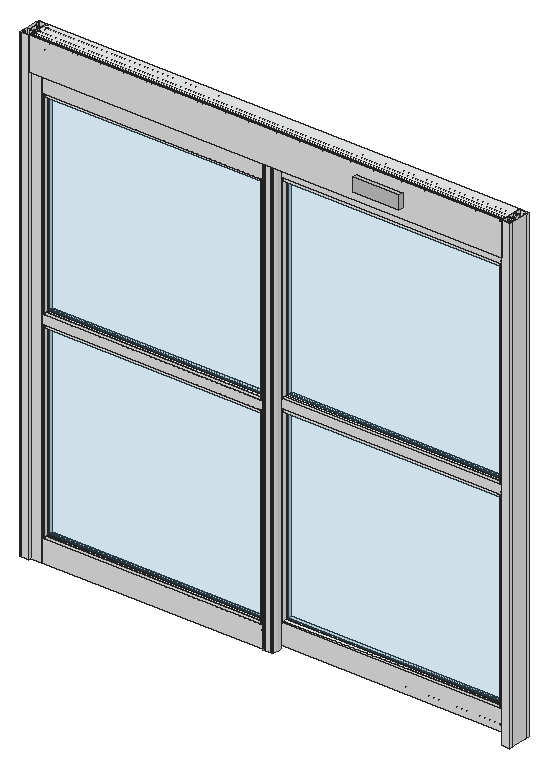
Revit family "2-5-1_Sliding-Door_TX9200SL_Single-RH-Outside-Slide-SX-O_Tormax", category Doors, host Wall, Revit 2026 (continued)
Definition of nested family "Door-Sliding-Tormax-Panel-O"
  Forms (in)
    Sweep 6, solid, material <- "Door Frame"
      profile origin (0, 0, 42.75) x (0, 0, 1) y (0, -1, 0)
        loop
          line (-38.35719, -0.32983) -> (-38.35719, -0.49166) -> (-38.48123, -0.6157) -> (-38.58722, -0.6157) -> (-38.58722, -0.76483) -> (-38.53722, -0.76483) -> (-38.53722, -0.66561) -> (-38.4375, -0.66561) -> (-38.4375, -0.87481) -> (-37.9377, -0.87481) -> (-37.9377, -0.20955) -> (-37.90284, -0.20955) -> (-37.84171, -0.09459) -> (-37.8637, -0.07259) -> (-37.93561, -0.12483) -> (-38.14543, -0.12483) -> (-38.14543, -0.20955) -> (-38.31305, -0.20955) -> (-38.31305, -0.13997) -> (-38.3997, -0.13997) -> (-38.3997, 0.13997) -> (-38.31305, 0.13997) -> (-38.31305, 0.20955) -> (-38.14543, 0.20955) -> (-38.14543, 0.12483) -> (-37.93561, 0.12483) -> (-37.8637, 0.07259) -> (-37.84171, 0.09459) -> (-37.90284, 0.20955) -> (-37.9377, 0.20955) -> (-37.9377, 0.87481) -> (-38.4375, 0.87481)
        loop
          line (-38.33744, -0.8251) -> (-37.98736, -0.8251) -> (-37.98736, -0.4032) -> (-38.24484, -0.4032) -> (-38.24484, -0.25099) -> (-38.30719, -0.25099) -> (-38.30719, -0.58206) -> (-38.4036, -0.67847) -> (-38.4036, -0.74143) -> (-38.33744, -0.74143) -> (-38.33744, -0.8251)
        loop
          line (-0.875, 0.87481) -> (-1.3748, 0.87481) -> (-1.3748, 0.20955) -> (-1.40966, 0.20955) -> (-1.47079, 0.09459) -> (-1.4488, 0.07259) -> (-1.37689, 0.12483) -> (-1.16707, 0.12483) -> (-1.16707, 0.20955) -> (-0.99945, 0.20955) -> (-0.99945, 0.13997) -> (-0.9128, 0.13997) -> (-0.9128, -0.13997) -> (-0.99945, -0.13997) -> (-0.99945, -0.20955) -> (-1.16707, -0.20955) -> (-1.16707, -0.12483) -> (-1.37689, -0.12483) -> (-1.4488, -0.07259) -> (-1.47079, -0.09459) -> (-1.40966, -0.20955) -> (-1.3748, -0.20955) -> (-1.3748, -0.87481) -> (-0.875, -0.87481) -> (-0.875, -0.66561) -> (-0.77528, -0.66561) -> (-0.77528, -0.76483) -> (-0.72528, -0.76483) -> (-0.72528, -0.6157) -> (-0.83127, -0.6157) -> (-0.95531, -0.49166) -> (-0.95531, -0.32983)
          arc (-0.95531, -0.32983) -> (-0.88989, -0.30274) -> (-0.8628, -0.23732) r 0.09251
          line (-0.8628, -0.23732) -> (-0.8628, -0.1901) -> (-0.719, -0.1901) -> (-0.719, -0.13997) -> (-0.8628, -0.13997) -> (-0.8628, 0.13997) -> (-0.719, 0.13997) -> (-0.719, 0.1901) -> (-0.84979, 0.1901) -> (-0.84979, 0.25955) -> (-1.06766, 0.25955) -> (-1.06766, 0.4032) -> (-1.32514, 0.4032) -> (-1.32514, 0.8251) -> (-0.92517, 0.8251) -> (-0.92517, 0.65698) -> (-0.81069, 0.65698) -> (-0.81069, 0.70698) -> (-0.875, 0.70698) -> (-0.875, 0.87481)
        loop
          line (-0.97506, -0.8251) -> (-0.97506, -0.74143) -> (-0.9089, -0.74143) -> (-0.9089, -0.67847) -> (-1.00531, -0.58206) -> (-1.00531, -0.25099) -> (-1.06766, -0.25099) -> (-1.06766, -0.4032) -> (-1.32514, -0.4032) -> (-1.32514, -0.8251) -> (-0.97506, -0.8251)
        loop
          line (0.875, 0.87481) -> (0.875, 0.70698) -> (0.81069, 0.70698) -> (0.81069, 0.65698) -> (0.92517, 0.65698) -> (0.92517, 0.8251) -> (1.32514, 0.8251) -> (1.32514, 0.4032) -> (1.06766, 0.4032) -> (1.06766, 0.25955) -> (0.84979, 0.25955) -> (0.84979, 0.1901) -> (0.719, 0.1901) -> (0.719, 0.13997) -> (0.8628, 0.13997) -> (0.8628, -0.13997) -> (0.719, -0.13997) -> (0.719, -0.1901) -> (0.8628, -0.1901) -> (0.8628, -0.23732)
          arc (0.8628, -0.23732) -> (0.88989, -0.30274) -> (0.95531, -0.32983) r 0.09251
          line (0.95531, -0.32983) -> (0.95531, -0.49166) -> (0.83127, -0.6157) -> (0.72528, -0.6157) -> (0.72528, -0.76483) -> (0.77528, -0.76483) -> (0.77528, -0.66561) -> (0.875, -0.66561) -> (0.875, -0.87481) -> (1.3748, -0.87481) -> (1.3748, -0.20955) -> (1.40966, -0.20955) -> (1.47079, -0.09459) -> (1.4488, -0.07259) -> (1.37689, -0.12483) -> (1.16707, -0.12483) -> (1.16707, -0.20955) -> (0.99945, -0.20955) -> (0.99945, -0.13997) -> (0.9128, -0.13997) -> (0.9128, 0.13997) -> (0.99945, 0.13997) -> (0.99945, 0.20955) -> (1.16707, 0.20955) -> (1.16707, 0.12483) -> (1.37689, 0.12483) -> (1.4488, 0.07259) -> (1.47079, 0.09459) -> (1.40966, 0.20955) -> (1.3748, 0.20955) -> (1.3748, 0.87481) -> (0.875, 0.87481)
        loop
          line (0.97506, -0.8251) -> (1.32514, -0.8251) -> (1.32514, -0.4032) -> (1.06766, -0.4032) -> (1.06766, -0.25099) -> (1.00531, -0.25099) -> (1.00531, -0.58206) -> (0.9089, -0.67847) -> (0.9089, -0.74143) -> (0.97506, -0.74143) -> (0.97506, -0.8251)
        loop
          line (39.65625, 0.87481) -> (39.15645, 0.87481) -> (39.15645, 0.20955) -> (39.12159, 0.20955) -> (39.06046, 0.09459) -> (39.08245, 0.07259) -> (39.15436, 0.12483) -> (39.36418, 0.12483) -> (39.36418, 0.20955) -> (39.5318, 0.20955) -> (39.5318, 0.13997) -> (39.61845, 0.13997) -> (39.61845, -0.13997) -> (39.5318, -0.13997) -> (39.5318, -0.20955) -> (39.36418, -0.20955) -> (39.36418, -0.12483) -> (39.15436, -0.12483) -> (39.08245, -0.07259) -> (39.06046, -0.09459) -> (39.12159, -0.20955) -> (39.15645, -0.20955) -> (39.15645, -0.87481) -> (39.65625, -0.87481) -> (39.65625, -0.66561) -> (39.75597, -0.66561) -> (39.75597, -0.76483) -> (39.80597, -0.76483) -> (39.80597, -0.6157) -> (39.69998, -0.6157) -> (39.57594, -0.49166) -> (39.57594, -0.32983)
          arc (39.57594, -0.32983) -> (39.64136, -0.30274) -> (39.66845, -0.23732) r 0.09251
          line (39.66845, -0.23732) -> (39.66845, -0.1901) -> (39.81225, -0.1901) -> (39.81225, -0.13997) -> (39.66845, -0.13997) -> (39.66845, 0.13997) -> (39.81225, 0.13997) -> (39.81225, 0.1901) -> (39.68146, 0.1901) -> (39.68146, 0.25955) -> (39.46359, 0.25955) -> (39.46359, 0.4032) -> (39.20611, 0.4032) -> (39.20611, 0.8251) -> (39.60608, 0.8251) -> (39.60608, 0.65698) -> (39.72056, 0.65698) -> (39.72056, 0.70698) -> (39.65625, 0.70698) -> (39.65625, 0.87481)
        loop
          line (39.55619, -0.8251) -> (39.55619, -0.74143) -> (39.62235, -0.74143) -> (39.62235, -0.67847) -> (39.52594, -0.58206) -> (39.52594, -0.25099) -> (39.46359, -0.25099) -> (39.46359, -0.4032) -> (39.20611, -0.4032) -> (39.20611, -0.8251) -> (39.55619, -0.8251)
    Sweep 7, solid, material <- "Door Frame"
      path origin (0, 0, 0) x (1, 0, 0) y (0, 0, 1)
        loop
          line (0, 43.625) -> (0, 82.40625)
      profile origin (0, 0, 63.01563) x (-1, 0, 0) y (0, -1, 0)
        loop
          line (-18.65625, -0.87481) -> (-18.15645, -0.87481) -> (-18.15645, -0.20955) -> (-18.12159, -0.20955) -> (-18.06046, -0.09459) -> (-18.08245, -0.07259) -> (-18.15436, -0.12483) -> (-18.36418, -0.12483) -> (-18.36418, -0.20955) -> (-18.5318, -0.20955) -> (-18.5318, -0.13997) -> (-18.61845, -0.13997) -> (-18.61845, 0.13997) -> (-18.5318, 0.13997) -> (-18.5318, 0.20955) -> (-18.36418, 0.20955) -> (-18.36418, 0.12483) -> (-18.15436, 0.12483) -> (-18.08245, 0.07259) -> (-18.06046, 0.09459) -> (-18.12159, 0.20955) -> (-18.15645, 0.20955) -> (-18.15645, 0.87481) -> (-18.65625, 0.87481) -> (-18.65625, 0.66561) -> (-18.75597, 0.66561) -> (-18.75597, 0.76483) -> (-18.80597, 0.76483) -> (-18.80597, 0.6157) -> (-18.69998, 0.6157) -> (-18.57594, 0.49166) -> (-18.57594, 0.32983)
          arc (-18.57594, 0.32983) -> (-18.64136, 0.30274) -> (-18.66845, 0.23732) r 0.09251
          line (-18.66845, 0.23732) -> (-18.66845, 0.1901) -> (-18.81225, 0.1901) -> (-18.81225, 0.13997) -> (-18.66845, 0.13997) -> (-18.66845, -0.13997) -> (-18.81225, -0.13997) -> (-18.81225, -0.1901) -> (-18.68146, -0.1901) -> (-18.68146, -0.25955) -> (-18.46359, -0.25955) -> (-18.46359, -0.4032) -> (-18.20611, -0.4032) -> (-18.20611, -0.8251) -> (-18.60608, -0.8251) -> (-18.60608, -0.65698) -> (-18.72056, -0.65698) -> (-18.72056, -0.70698) -> (-18.65625, -0.70698) -> (-18.65625, -0.87481)
        loop
          line (-18.55619, 0.8251) -> (-18.55619, 0.74143) -> (-18.62235, 0.74143) -> (-18.62235, 0.67847) -> (-18.52594, 0.58206) -> (-18.52594, 0.25099) -> (-18.46359, 0.25099) -> (-18.46359, 0.4032) -> (-18.20611, 0.4032) -> (-18.20611, 0.8251) -> (-18.55619, 0.8251)
        loop
          line (18.65625, -0.87481) -> (18.65625, -0.70698) -> (18.72056, -0.70698) -> (18.72056, -0.65698) -> (18.60608, -0.65698) -> (18.60608, -0.8251) -> (18.20611, -0.8251) -> (18.20611, -0.4032) -> (18.46359, -0.4032) -> (18.46359, -0.25955) -> (18.68146, -0.25955) -> (18.68146, -0.1901) -> (18.81225, -0.1901) -> (18.81225, -0.13997) -> (18.66845, -0.13997) -> (18.66845, 0.13997) -> (18.81225, 0.13997) -> (18.81225, 0.1901) -> (18.66845, 0.1901) -> (18.66845, 0.23732)
          arc (18.66845, 0.23732) -> (18.64136, 0.30274) -> (18.57594, 0.32983) r 0.09251
          line (18.57594, 0.32983) -> (18.57594, 0.49166) -> (18.69998, 0.6157) -> (18.80597, 0.6157) -> (18.80597, 0.76483) -> (18.75597, 0.76483) -> (18.75597, 0.66561) -> (18.65625, 0.66561) -> (18.65625, 0.87481) -> (18.15645, 0.87481) -> (18.15645, 0.20955) -> (18.12159, 0.20955) -> (18.06046, 0.09459) -> (18.08245, 0.07259) -> (18.15436, 0.12483) -> (18.36418, 0.12483) -> (18.36418, 0.20955) -> (18.5318, 0.20955) -> (18.5318, 0.13997) -> (18.61845, 0.13997) -> (18.61845, -0.13997) -> (18.5318, -0.13997) -> (18.5318, -0.20955) -> (18.36418, -0.20955) -> (18.36418, -0.12483) -> (18.15436, -0.12483) -> (18.08245, -0.07259) -> (18.06046, -0.09459) -> (18.12159, -0.20955) -> (18.15645, -0.20955) -> (18.15645, -0.87481) -> (18.65625, -0.87481)
        loop
          line (18.55619, 0.8251) -> (18.20611, 0.8251) -> (18.20611, 0.4032) -> (18.46359, 0.4032) -> (18.46359, 0.25099) -> (18.52594, 0.25099) -> (18.52594, 0.58206) -> (18.62235, 0.67847) -> (18.62235, 0.74143) -> (18.55619, 0.74143) -> (18.55619, 0.8251)
    Extrusion 8, solid, material <- "Glass"
      sketch origin (0, 0, 0) x (1, 0, 0) y (0, 1, 0)
        loop
          line (-18.36418, 0.12483) -> (-18.36418, -0.12517) -> (18.36418, -0.12517) -> (18.36418, 0.12483) -> (-18.36418, 0.12483)
      from 43.91707 to 82.11418
  Dimensions and locks (in)
    "Height": plane 4 to level
    equal spacing: plane 10, plane 3 "Center (Left/Right)", plane 11
    "Width": plane 10 to plane 11
    "Thickness": plane 9 to plane 8
    equal spacing: plane 9, plane 1 "Center (Front/Back)", plane 8
    locked: plane 10 to plane 12 at 2.125
    locked: plane 13 to plane 11 at 2.125
    locked: plane 5 to level at 42.75
    plane 14 to plane 5 to plane 15 = 7/8" locked, 7/8" locked
    plane 10 to Sweep 1 sketch curve to Sweep 1 sketch curve = 2 1/8" locked, 0" locked
    locked: plane 4 to plane 17 at 0.09375
    locked: plane 17 to plane 16 at 3
    locked: plane 18 to plane 2 at 4.3125
    locked: Sweep 4 sketch curve to plane 13 at 0.4998  (x2)
    plane 12 to Sweep 4 sketch curve to Sweep 4 sketch curve = 0.4998" locked, 0" locked
    plane 7 to plane 1 "Center (Front/Back)" to plane 6 = 0.12517" locked, 0.12483" locked
    locked: Extrusion 5 sketch curve to plane 13 at 0.29207
    locked: plane 12 to Extrusion 5 sketch curve at 0.29207
    locked: Sweep 6 sketch curve to plane 13 at 0.4998
    locked: Sweep 6 sketch curve to plane 12 at 0.4998
    locked: Sweep 6 sketch curve to plane 2 at 4.8123  (x2)
    Sweep 6 sketch curve to Sweep 6 sketch curve to plane 15 = 0" locked, 0.4998" locked
    Sweep 6 sketch curve to Sweep 6 sketch curve to plane 14 = 0" locked, 0.4998" locked
    Sweep 6 sketch curve to Sweep 6 sketch curve to plane 16 = 0" locked, 0.4998" locked
    locked: plane 2 to Extrusion 5 at 4.60457
    locked: Extrusion 5 to plane 15 at 0.29207
    locked: Extrusion 8 to plane 14 at 0.29207
    locked: Extrusion 8 to plane 16 at 0.29207
    locked: plane 12 to Sweep 7 sketch curve at 0.4998  (x2)
    Sweep 7 sketch curve to Sweep 7 sketch curve to plane 13 = 0" locked, 0.4998" locked
    aligned and locked: plane 2 to level
    aligned and locked: Sweep 1 sketch curve to plane 10
    aligned and locked: Sweep 1 sketch curve to plane 9
    aligned and locked: Sweep 1 sketch curve to profile plane
    aligned and locked: profile plane to Sweep 1 sketch curve
    aligned and locked: Sweep 1 sketch curve to plane 8
    aligned and locked: plane 12 to Sweep 2 sketch curve
    aligned and locked: plane 13 to Sweep 2 sketch curve
    aligned and locked: Sweep 2 sketch curve to plane 2
    aligned and locked: plane 14 to Sweep 2 sketch curve
    aligned and locked: Sweep 2 sketch curve to plane 14
    aligned and locked: plane 17 to Sweep 1 sketch curve
    aligned and locked: plane 17 to Sweep 3 sketch curve
    aligned and locked: Sweep 3 sketch curve to plane 11
    aligned and locked: plane 2 to Sweep 3 sketch curve
    aligned and locked: plane 13 to Sweep 3 sketch curve
    aligned and locked: plane 3 "Center (Left/Right)" to Sweep 4 sketch curve
    aligned and locked: plane 15 to Sweep 4 sketch curve
    aligned and locked: plane 18 to Sweep 4 sketch curve
    aligned and locked: Sweep 4 sketch curve to plane 13
    aligned and locked: plane 13 to Sweep 4 sketch curve
    aligned and locked: plane 12 to Sweep 4 sketch curve
    aligned and locked: Sweep 4 sketch curve to plane 12
    aligned and locked: plane 6 to Extrusion 5 sketch curve
    aligned and locked: plane 7 to Extrusion 5 sketch curve
    aligned and locked: Sweep 6 sketch curve to plane 5
    aligned and locked: plane 18 to Sweep 6 sketch curve
    aligned and locked: Sweep 6 sketch curve to plane 18
    aligned and locked: plane 15 to Sweep 6 sketch curve
    aligned and locked: Sweep 6 sketch curve to plane 15
    aligned and locked: Sweep 6 sketch curve to plane 14
    aligned and locked: plane 14 to Sweep 6 sketch curve
    aligned and locked: Sweep 6 sketch curve to plane 16
    aligned and locked: plane 16 to Sweep 6 sketch curve
    aligned and locked: plane 16 to Sweep 7 sketch curve
    aligned and locked: plane 14 to Sweep 7 sketch curve
    aligned and locked: plane 12 to Sweep 7 sketch curve
    aligned and locked: Sweep 7 sketch curve to plane 12
    aligned and locked: Sweep 7 sketch curve to plane 13
    aligned and locked: plane 13 to Sweep 7 sketch curve
  Automatic sketch dimensions
    Sweep 1 sketch curve to level = 0"
    profile plane to Sweep 2 sketch curve = 0"
    Sweep 2 sketch curve to Sweep 2 sketch curve = 0.18793"
    Sweep 2 sketch curve to Sweep 2 sketch curve = 0.72226"  (x2)
    Sweep 2 sketch curve to Sweep 2 sketch curve = 0.40281"
    Sweep 2 sketch curve to Sweep 2 sketch curve = 0.01287"
    Sweep 2 sketch curve to Sweep 2 sketch curve = 0.00834"
    Sweep 2 sketch curve to Sweep 2 sketch curve = 0.18917"
    Sweep 2 sketch curve to Sweep 2 sketch curve = 0.06739"  (x2)
    Sweep 2 sketch curve to Sweep 2 sketch curve = 0.13999"  (x2)
    Sweep 2 sketch curve to Sweep 2 sketch curve = 1/16"  (x2)
    Sweep 2 sketch curve to Sweep 2 sketch curve = 1.02817"
    Sweep 2 sketch curve to Sweep 2 sketch curve = 0.12517"
    Sweep 2 sketch curve to Sweep 2 sketch curve = 0.2691"  (x3)
    Sweep 2 sketch curve to Sweep 2 sketch curve = 0.31409"  (x4)
    Sweep 2 sketch curve to Sweep 2 sketch curve = 0.32654"  (x4)
    Sweep 2 sketch curve to Sweep 2 sketch curve = 0.30916"  (x3)
    Sweep 2 sketch curve to Sweep 2 sketch curve = 0.12615"  (x2)
    Sweep 2 sketch curve to Sweep 2 sketch curve = 0.04797"  (x3)
    plane 1 "Center (Front/Back)" to Sweep 2 sketch curve = 0.77066"  (x2)
    Sweep 2 sketch curve to Sweep 2 sketch curve = 0.10643"  (x4)
    plane 1 "Center (Front/Back)" to Sweep 2 sketch curve = 0.70921"
    plane 1 "Center (Front/Back)" to Sweep 2 sketch curve = 0.70777"
    Sweep 2 sketch curve to Sweep 2 sketch curve = 1 3/4"
    Sweep 2 sketch curve to Sweep 2 sketch curve = 0"  (x3)
    Sweep 2 sketch curve to plane 1 "Center (Front/Back)" = 0.77099"  (x2)
    Sweep 2 sketch curve to Sweep 2 sketch curve = 0.1095"  (x2)
    plane 1 "Center (Front/Back)" to Sweep 2 sketch curve = 0.77099"
    Sweep 2 sketch curve to Sweep 2 sketch curve = 0.0465"  (x3)
    Sweep 2 sketch curve to Sweep 2 sketch curve = 1/8"
    Sweep 2 sketch curve to Sweep 2 sketch curve = 0.24941"  (x2)
    Sweep 2 sketch curve to Sweep 2 sketch curve = 0.44928"  (x2)
    Sweep 2 sketch curve to Sweep 2 sketch curve = 0.25131"  (x2)
    Sweep 2 sketch curve to Sweep 2 sketch curve = 0.213"
    Sweep 2 sketch curve to Sweep 2 sketch curve = 0.156"
    plane 1 "Center (Front/Back)" to Sweep 2 sketch curve = 0.8749"
    Sweep 2 sketch curve to Sweep 2 sketch curve = 38 25/32"
    Sweep 2 sketch curve to Sweep 2 sketch curve = 0.14393"
    Sweep 2 sketch curve to Sweep 2 sketch curve = 1.50056"  (x2)
    Sweep 2 sketch curve to plane 1 "Center (Front/Back)" = 0.8749"
    Sweep 2 sketch curve to Sweep 2 sketch curve = 0.10401"  (x2)
    Sweep 2 sketch curve to Sweep 2 sketch curve = 0.0351"
    Sweep 2 sketch curve to Sweep 2 sketch curve = 0.10425"  (x3)
    Sweep 2 sketch curve to Sweep 2 sketch curve = 0.01099"
    Sweep 2 sketch curve to Sweep 2 sketch curve = 0.0176"
    Sweep 2 sketch curve to plane 1 "Center (Front/Back)" = 0.75305"
    Sweep 2 sketch curve to Sweep 2 sketch curve = 0.00306"
    Sweep 2 sketch curve to Sweep 2 sketch curve = 0.031"  (x3)
    Sweep 2 sketch curve to Sweep 2 sketch curve = 0.03386"  (x4)
    Sweep 2 sketch curve to Sweep 2 sketch curve = 0.05146"  (x3)
    Sweep 2 sketch curve to Sweep 2 sketch curve = 0.0308"
    Sweep 2 sketch curve to Sweep 2 sketch curve = 0.06145"  (x3)
    Sweep 2 sketch curve to Sweep 2 sketch curve = 0.06322"  (x3)
    Sweep 2 sketch curve to Sweep 2 sketch curve = 0.21"  (x2)
    Sweep 2 sketch curve to Sweep 2 sketch curve = 0.34292"  (x2)
    Sweep 2 sketch curve to plane 1 "Center (Front/Back)" = 0.31896"
    Sweep 2 sketch curve to Sweep 2 sketch curve = 0.01887"
    Sweep 2 sketch curve to Sweep 2 sketch curve = 0.1067"
    Sweep 2 sketch curve to plane 1 "Center (Front/Back)" = 0.13788"
    plane 1 "Center (Front/Back)" to Sweep 2 sketch curve = 0.13781"
    Sweep 2 sketch curve to Sweep 2 sketch curve = 0.02767"
    Sweep 2 sketch curve to Sweep 2 sketch curve = 0.10658"
    plane 1 "Center (Front/Back)" to Sweep 2 sketch curve = 0.31654"
    plane 1 "Center (Front/Back)" to Sweep 2 sketch curve = 0.37504"  (x2)
    plane 1 "Center (Front/Back)" to Sweep 2 sketch curve = 0.519"
    Sweep 2 sketch curve to Sweep 2 sketch curve = 0.18877"
    Sweep 2 sketch curve to Sweep 2 sketch curve = 0.34415"  (x2)
    Sweep 2 sketch curve to Sweep 2 sketch curve = 0.04199"
    Sweep 2 sketch curve to Sweep 2 sketch curve = 0.47705"
    Sweep 2 sketch curve to Sweep 2 sketch curve = 0.02992"
    plane 1 "Center (Front/Back)" to Sweep 2 sketch curve = 0.78451"
    Sweep 2 sketch curve to Sweep 2 sketch curve = 0.12491"
    Sweep 2 sketch curve to plane 1 "Center (Front/Back)" = 3/4"
    Sweep 1 sketch curve to plane 1 "Center (Front/Back)" = 0.77559"
    Sweep 1 sketch curve to Sweep 1 sketch curve = 0.11639"  (x2)
    Sweep 1 sketch curve to Sweep 1 sketch curve = 1/8"  (x2)
    profile plane to Sweep 1 sketch curve = 3/8"
    Sweep 1 sketch curve to Sweep 1 sketch curve = 0.145"  (x2)
    Sweep 1 sketch curve to Sweep 1 sketch curve = 0.01059"  (x2)
    Sweep 1 sketch curve to Sweep 1 sketch curve = 0.0672"
    Sweep 1 sketch curve to Sweep 1 sketch curve = 0.20161"
    Sweep 1 sketch curve to Sweep 1 sketch curve = 0.05661"
    Sweep 1 sketch curve to Sweep 1 sketch curve = 0.03961"
    Sweep 3 sketch curve to Sweep 3 sketch curve = 0"  (x3)
    plane 1 "Center (Front/Back)" to Sweep 3 sketch curve = 0"
    Sweep 3 sketch curve to profile plane = 0.13218"  (x2)
    Sweep 3 sketch curve to Sweep 3 sketch curve = 0.04011"  (x2)
    Sweep 3 sketch curve to Sweep 3 sketch curve = 0.27371"  (x2)
    Sweep 3 sketch curve to Sweep 3 sketch curve = 0.054"  (x5)
    Sweep 3 sketch curve to Sweep 3 sketch curve = 0.09725"  (x2)
    Sweep 3 sketch curve to Sweep 3 sketch curve = 0.09783"  (x2)
    Sweep 3 sketch curve to Sweep 3 sketch curve = 0.05875"  (x2)
    Sweep 3 sketch curve to Sweep 3 sketch curve = 1/8"  (x2)
    Sweep 3 sketch curve to plane 1 "Center (Front/Back)" = 0.76483"
    Sweep 3 sketch curve to Sweep 3 sketch curve = 0.05817"
    Sweep 3 sketch curve to plane 1 "Center (Front/Back)" = 0.70835"
    Sweep 3 sketch curve to Sweep 3 sketch curve = 0.83845"
    Sweep 3 sketch curve to Sweep 3 sketch curve = 0.05635"
    Sweep 3 sketch curve to Sweep 3 sketch curve = 0.14517"  (x2)
    Sweep 3 sketch curve to Sweep 3 sketch curve = 0.05648"
    Sweep 3 sketch curve to Sweep 3 sketch curve = 0.1125"
    Sweep 3 sketch curve to Sweep 3 sketch curve = 0.05615"
    Sweep 3 sketch curve to Sweep 3 sketch curve = 0.00033"
    Sweep 3 sketch curve to Sweep 3 sketch curve = 0.03481"
    plane 1 "Center (Front/Back)" to Sweep 3 sketch curve = 0.76483"
    plane 1 "Center (Front/Back)" to Sweep 3 sketch curve = 0.70869"
    Sweep 4 sketch curve to Sweep 4 sketch curve = 0.0122"
    Sweep 4 sketch curve to plane 1 "Center (Front/Back)" = 0.13997"
    Sweep 4 sketch curve to Sweep 4 sketch curve = 0"  (x5)
    Sweep 4 sketch curve to Sweep 4 sketch curve = 0.01301"  (x2)
    plane 1 "Center (Front/Back)" to Sweep 4 sketch curve = 0.6157"
    Sweep 4 sketch curve to Sweep 4 sketch curve = 0.04373"  (x2)
    Sweep 4 sketch curve to Sweep 4 sketch curve = 0.06431"  (x2)
    Sweep 4 sketch curve to Sweep 4 sketch curve = 0.05599"
    Sweep 4 sketch curve to Sweep 4 sketch curve = 0.05"  (x8)
    Sweep 4 sketch curve to Sweep 4 sketch curve = 0.13079"  (x2)
    Sweep 4 sketch curve to Sweep 4 sketch curve = 0.1438"  (x2)
    Sweep 4 sketch curve to Sweep 4 sketch curve = 0.0339"  (x2)
    Sweep 4 sketch curve to Sweep 4 sketch curve = 0.05017"  (x2)
    plane 1 "Center (Front/Back)" to Sweep 4 sketch curve = 0.49166"
    Sweep 4 sketch curve to Sweep 4 sketch curve = 0.12404"  (x2)
    Sweep 4 sketch curve to Sweep 4 sketch curve = 0.06616"  (x2)
    Sweep 4 sketch curve to Sweep 4 sketch curve = 0.08665"  (x3)
    Sweep 4 sketch curve to Sweep 4 sketch curve = 0.00586"  (x2)
    Sweep 4 sketch curve to Sweep 4 sketch curve = 0.0682"  (x2)
    Sweep 4 sketch curve to Sweep 4 sketch curve = 0.11234"
    Sweep 4 sketch curve to Sweep 4 sketch curve = 0.09942"  (x4)
    Sweep 4 sketch curve to Sweep 4 sketch curve = 0.04966"  (x4)
    Sweep 4 sketch curve to plane 1 "Center (Front/Back)" = 0.12483"
    Sweep 4 sketch curve to Sweep 4 sketch curve = 0.00209"  (x2)
    Sweep 4 sketch curve to Sweep 4 sketch curve = 0.03487"  (x4)
    plane 1 "Center (Front/Back)" to Sweep 4 sketch curve = 0.20955"  (x2)
    plane 1 "Center (Front/Back)" to Sweep 4 sketch curve = 0.07259"  (x2)
    Sweep 4 sketch curve to Sweep 4 sketch curve = 0.0719"  (x4)
    Sweep 4 sketch curve to plane 1 "Center (Front/Back)" = 0.07259"  (x2)
    Sweep 4 sketch curve to plane 1 "Center (Front/Back)" = 0.09459"  (x2)
    Sweep 4 sketch curve to Sweep 4 sketch curve = 0.02199"  (x4)
    plane 1 "Center (Front/Back)" to Sweep 4 sketch curve = 0.09459"  (x2)
    Sweep 4 sketch curve to Sweep 4 sketch curve = 0.06113"
    Sweep 4 sketch curve to plane 1 "Center (Front/Back)" = 0.20955"
    plane 1 "Center (Front/Back)" to Sweep 4 sketch curve = 0.12483"
    Sweep 4 sketch curve to Sweep 4 sketch curve = 0.06234"
    Sweep 4 sketch curve to Sweep 4 sketch curve = 0.03026"
    Sweep 4 sketch curve to Sweep 4 sketch curve = 0.14248"
    Sweep 4 sketch curve to Sweep 4 sketch curve = 0.09251"
    Sweep 4 sketch curve to Sweep 4 sketch curve = 0.13361"
    Sweep 4 sketch curve to plane 1 "Center (Front/Back)" = 0.25955"
    Sweep 4 sketch curve to Sweep 4 sketch curve = 0.11958"
    Sweep 4 sketch curve to Sweep 4 sketch curve = 0.14365"
    Sweep 4 sketch curve to Sweep 4 sketch curve = 0.19365"  (x3)
    Sweep 4 sketch curve to Sweep 4 sketch curve = 0.25378"  (x2)
    Sweep 4 sketch curve to Sweep 4 sketch curve = 0.4219"  (x2)
    Sweep 4 sketch curve to Sweep 4 sketch curve = 0.04971"  (x4)
    Sweep 4 sketch curve to Sweep 4 sketch curve = 0.08472"  (x5)
    Sweep 4 sketch curve to Sweep 4 sketch curve = 0.05012"  (x4)
    Sweep 4 sketch curve to Sweep 4 sketch curve = 0.06945"
    Sweep 4 sketch curve to Sweep 4 sketch curve = 0.06958"  (x2)
    plane 1 "Center (Front/Back)" to Sweep 4 sketch curve = 0.13997"  (x2)
    Sweep 4 sketch curve to Sweep 4 sketch curve = 0.04722"
    Sweep 4 sketch curve to Sweep 4 sketch curve = 0.02777"
    Sweep 4 sketch curve to Sweep 4 sketch curve = 0.04144"  (x2)
    Sweep 4 sketch curve to Sweep 4 sketch curve = 0.08847"
    Sweep 4 sketch curve to Sweep 4 sketch curve = 0.0904"  (x2)
    Sweep 4 sketch curve to Sweep 4 sketch curve = 0.04991"  (x2)
    Sweep 4 sketch curve to Sweep 4 sketch curve = 0.01286"  (x2)
    Sweep 4 sketch curve to Sweep 4 sketch curve = 0.06296"  (x2)
    Sweep 4 sketch curve to Sweep 4 sketch curve = 0.09922"  (x2)
    Sweep 4 sketch curve to Sweep 4 sketch curve = 0.08367"  (x2)
    plane 1 "Center (Front/Back)" to Sweep 6 sketch curve = 0.13997"  (x4)
    Sweep 6 sketch curve to Sweep 6 sketch curve = 0.512"
    Sweep 6 sketch curve to Sweep 6 sketch curve = 0"  (x10)
    Sweep 6 sketch curve to Sweep 6 sketch curve = 0.01301"  (x4)
    Sweep 6 sketch curve to plane 1 "Center (Front/Back)" = 0.6157"  (x2)
    Sweep 6 sketch curve to Sweep 6 sketch curve = 0.04373"  (x4)
    Sweep 6 sketch curve to Sweep 6 sketch curve = 0.06431"  (x4)
    Sweep 6 sketch curve to Sweep 6 sketch curve = 0.09972"
    Sweep 6 sketch curve to Sweep 6 sketch curve = 0.05"  (x19)
    Sweep 6 sketch curve to Sweep 6 sketch curve = 0.13079"  (x4)
    Sweep 6 sketch curve to Sweep 6 sketch curve = 0.1438"  (x4)
    Sweep 6 sketch curve to Sweep 6 sketch curve = 0.0339"  (x3)
    Sweep 6 sketch curve to Sweep 6 sketch curve = 0.05017"  (x4)
    Sweep 6 sketch curve to Sweep 6 sketch curve = 0.09251"
    Sweep 6 sketch curve to Sweep 6 sketch curve = 0.06616"  (x3)
    Sweep 6 sketch curve to Sweep 6 sketch curve = 0.08665"  (x4)
    Sweep 6 sketch curve to Sweep 6 sketch curve = 0.04414"  (x2)
    Sweep 6 sketch curve to plane 1 "Center (Front/Back)" = 0.58206"  (x2)
    Sweep 6 sketch curve to Sweep 6 sketch curve = 0.11234"  (x2)
    Sweep 6 sketch curve to Sweep 6 sketch curve = 0.0682"  (x4)
    Sweep 6 sketch curve to Sweep 6 sketch curve = 0.09942"  (x8)
    Sweep 6 sketch curve to Sweep 6 sketch curve = 0.04966"  (x8)
    plane 1 "Center (Front/Back)" to Sweep 6 sketch curve = 0.12483"  (x3)
    Sweep 6 sketch curve to Sweep 6 sketch curve = 0.00209"  (x6)
    Sweep 6 sketch curve to Sweep 6 sketch curve = 0.03487"  (x8)
    Sweep 6 sketch curve to plane 1 "Center (Front/Back)" = 0.20955"
    Sweep 6 sketch curve to plane 1 "Center (Front/Back)" = 0.07259"  (x4)
    Sweep 6 sketch curve to Sweep 6 sketch curve = 0.0719"  (x6)
    plane 1 "Center (Front/Back)" to Sweep 6 sketch curve = 0.07259"  (x4)
    Sweep 6 sketch curve to plane 1 "Center (Front/Back)" = 0.09459"  (x4)
    Sweep 6 sketch curve to Sweep 6 sketch curve = 0.02199"  (x8)
    plane 1 "Center (Front/Back)" to Sweep 6 sketch curve = 0.09459"  (x4)
    Sweep 6 sketch curve to Sweep 6 sketch curve = 0.09599"  (x2)
    Sweep 6 sketch curve to Sweep 6 sketch curve = 0.20772"  (x2)
    Sweep 6 sketch curve to Sweep 6 sketch curve = 0.13031"
    Sweep 6 sketch curve to Sweep 6 sketch curve = 0.00586"  (x3)
    Sweep 6 sketch curve to Sweep 6 sketch curve = 0.10006"  (x2)
    Sweep 6 sketch curve to Sweep 6 sketch curve = 0.05599"
    Sweep 6 sketch curve to Sweep 6 sketch curve = 0.156"
    Sweep 6 sketch curve to Sweep 6 sketch curve = 0.14972"
    Sweep 6 sketch curve to Sweep 6 sketch curve = 0.12404"
    plane 1 "Center (Front/Back)" to Sweep 6 sketch curve = 0.20955"  (x2)
    Sweep 6 sketch curve to Sweep 6 sketch curve = 0.06113"
    Sweep 6 sketch curve to Sweep 6 sketch curve = 0.06234"
    Sweep 6 sketch curve to Sweep 6 sketch curve = 0.03026"
    Sweep 6 sketch curve to plane 1 "Center (Front/Back)" = 0.49166"
    Sweep 6 sketch curve to Sweep 6 sketch curve = 0.14248"
    Sweep 6 sketch curve to Sweep 6 sketch curve = 0.13361"
    Sweep 6 sketch curve to Sweep 6 sketch curve = 0.04991"  (x4)
    Sweep 6 sketch curve to Sweep 6 sketch curve = 0.08355"
    Sweep 6 sketch curve to plane 1 "Center (Front/Back)" = 0.66561"
    Sweep 6 sketch curve to Sweep 6 sketch curve = 0.01286"  (x4)
    Sweep 6 sketch curve to Sweep 6 sketch curve = 0.06296"  (x4)
    Sweep 6 sketch curve to Sweep 6 sketch curve = 0.09922"  (x4)
    Sweep 6 sketch curve to Sweep 6 sketch curve = 0.08367"  (x4)
    Sweep 6 sketch curve to Sweep 6 sketch curve = 0.04971"  (x8)
    Sweep 6 sketch curve to Sweep 6 sketch curve = 0.09641"  (x2)
    Sweep 6 sketch curve to Sweep 6 sketch curve = 0.0904"  (x3)
    Sweep 6 sketch curve to Sweep 6 sketch curve = 79/256"  (x2)
    Sweep 6 sketch curve to Sweep 6 sketch curve = 0.19365"  (x3)
    Sweep 6 sketch curve to Sweep 6 sketch curve = 0.08847"
    Sweep 6 sketch curve to Sweep 6 sketch curve = 0.07336"  (x4)
    Sweep 6 sketch curve to Sweep 6 sketch curve = 0.01367"  (x4)
    Sweep 6 sketch curve to Sweep 6 sketch curve = 0.11496"  (x3)
    Sweep 6 sketch curve to Sweep 6 sketch curve = 0.04144"  (x4)
    Sweep 6 sketch curve to Sweep 6 sketch curve = 0.04722"  (x4)
    Sweep 6 sketch curve to Sweep 6 sketch curve = 0.05012"  (x8)
    Sweep 6 sketch curve to Sweep 6 sketch curve = 0.06958"  (x4)
    Sweep 6 sketch curve to Sweep 6 sketch curve = 0.08472"  (x9)
    Sweep 6 sketch curve to Sweep 6 sketch curve = 0.06945"
    Sweep 6 sketch curve to Sweep 6 sketch curve = 0.14365"  (x2)
    Sweep 6 sketch curve to Sweep 6 sketch curve = 0.25378"  (x4)
    Sweep 6 sketch curve to Sweep 6 sketch curve = 0.11812"  (x3)
    Sweep 6 sketch curve to Sweep 6 sketch curve = 0.4219"
    Sweep 7 sketch curve to plane 3 "Center (Left/Right)" = 0"
    plane 1 "Center (Front/Back)" to Sweep 7 sketch curve = 0.1901"
    Sweep 7 sketch curve to Sweep 7 sketch curve = 0"  (x6)
    Sweep 7 sketch curve to Sweep 7 sketch curve = 0.00628"
    Sweep 7 sketch curve to Sweep 7 sketch curve = 0.05"  (x8)
    Sweep 7 sketch curve to Sweep 7 sketch curve = 0.05599"
    Sweep 7 sketch curve to Sweep 7 sketch curve = 0.13079"  (x2)
    Sweep 7 sketch curve to Sweep 7 sketch curve = 0.1438"  (x2)
    Sweep 7 sketch curve to Sweep 7 sketch curve = 0.06431"  (x2)
    Sweep 7 sketch curve to Sweep 7 sketch curve = 0.04373"  (x2)
    Sweep 7 sketch curve to Sweep 7 sketch curve = 0.0339"  (x2)
    Sweep 7 sketch curve to Sweep 7 sketch curve = 0.05017"  (x2)
    plane 1 "Center (Front/Back)" to Sweep 7 sketch curve = 0.49166"
    Sweep 7 sketch curve to Sweep 7 sketch curve = 0.12404"  (x3)
    Sweep 7 sketch curve to Sweep 7 sketch curve = 0.06616"  (x2)
    Sweep 7 sketch curve to Sweep 7 sketch curve = 0.08665"  (x3)
    Sweep 7 sketch curve to Sweep 7 sketch curve = 0.00586"  (x2)
    Sweep 7 sketch curve to Sweep 7 sketch curve = 0.0682"  (x2)
    Sweep 7 sketch curve to Sweep 7 sketch curve = 0.11234"
    Sweep 7 sketch curve to Sweep 7 sketch curve = 0.09942"  (x4)
    Sweep 7 sketch curve to Sweep 7 sketch curve = 0.04966"  (x4)
    Sweep 7 sketch curve to plane 1 "Center (Front/Back)" = 0.12483"
    Sweep 7 sketch curve to Sweep 7 sketch curve = 0.00209"  (x2)
    Sweep 7 sketch curve to Sweep 7 sketch curve = 0.03487"  (x4)
    plane 1 "Center (Front/Back)" to Sweep 7 sketch curve = 0.20955"  (x2)
    plane 1 "Center (Front/Back)" to Sweep 7 sketch curve = 0.07259"  (x2)
    Sweep 7 sketch curve to Sweep 7 sketch curve = 0.0719"  (x4)
    Sweep 7 sketch curve to plane 1 "Center (Front/Back)" = 0.07259"  (x2)
    Sweep 7 sketch curve to plane 1 "Center (Front/Back)" = 0.09459"  (x2)
    Sweep 7 sketch curve to Sweep 7 sketch curve = 0.02199"  (x4)
    plane 1 "Center (Front/Back)" to Sweep 7 sketch curve = 0.09459"  (x2)
    Sweep 7 sketch curve to plane 1 "Center (Front/Back)" = 0.20955"
    Sweep 7 sketch curve to Sweep 7 sketch curve = 0.06113"
    plane 1 "Center (Front/Back)" to Sweep 7 sketch curve = 0.12483"
    Sweep 7 sketch curve to Sweep 7 sketch curve = 0.06234"
    Sweep 7 sketch curve to Sweep 7 sketch curve = 0.03026"
    Sweep 7 sketch curve to Sweep 7 sketch curve = 0.14248"
    Sweep 7 sketch curve to Sweep 7 sketch curve = 0.09251"
    Sweep 7 sketch curve to Sweep 7 sketch curve = 0.01301"
    Sweep 7 sketch curve to Sweep 7 sketch curve = 0.13361"
    Sweep 7 sketch curve to plane 1 "Center (Front/Back)" = 0.25955"  (x2)
    Sweep 7 sketch curve to Sweep 7 sketch curve = 0.14365"
    Sweep 7 sketch curve to Sweep 7 sketch curve = 0.19365"  (x3)
    Sweep 7 sketch curve to Sweep 7 sketch curve = 0.25378"  (x2)
    Sweep 7 sketch curve to Sweep 7 sketch curve = 0.4219"  (x2)
    Sweep 7 sketch curve to Sweep 7 sketch curve = 0.04971"  (x4)
    Sweep 7 sketch curve to Sweep 7 sketch curve = 0.08472"  (x5)
    Sweep 7 sketch curve to Sweep 7 sketch curve = 0.06945"  (x2)
    Sweep 7 sketch curve to Sweep 7 sketch curve = 0.05012"  (x4)
    Sweep 7 sketch curve to Sweep 7 sketch curve = 0.06958"  (x2)
    plane 1 "Center (Front/Back)" to Sweep 7 sketch curve = 0.13997"
    Sweep 7 sketch curve to Sweep 7 sketch curve = 0.04722"
    Sweep 7 sketch curve to Sweep 7 sketch curve = 0.02777"
    Sweep 7 sketch curve to Sweep 7 sketch curve = 0.04144"  (x2)
    Sweep 7 sketch curve to Sweep 7 sketch curve = 0.08847"
    Sweep 7 sketch curve to Sweep 7 sketch curve = 0.0904"  (x2)
    Sweep 7 sketch curve to Sweep 7 sketch curve = 0.04991"  (x2)
    Sweep 7 sketch curve to Sweep 7 sketch curve = 0.01286"  (x2)
    Sweep 7 sketch curve to Sweep 7 sketch curve = 0.06296"  (x2)
    Sweep 7 sketch curve to Sweep 7 sketch curve = 0.09922"  (x2)
    Sweep 7 sketch curve to Sweep 7 sketch curve = 0.08367"  (x2)
    Extrusion 8 sketch curve to plane 7 = 0"
    plane 6 to Extrusion 8 sketch curve = 0"
    plane 12 to Extrusion 8 sketch curve = 0.29207"
    plane 13 to Extrusion 8 sketch curve = 0.29207"
Definition of nested family "Door-Sliding-Tormax-Panel-SX"
  Parameters (values of type "Door-Sliding-Tormax-Panel-SX")
    Width = 41 9/16"
    Thickness = 1.82"  # constant formula
    Height = 85 1/2"
    Handle Material = none
    Glass = none
    Frame Material = none
    Define Thermal Properties by = 1
    Default Elevation = 0"
    Analytic Construction = "<None>"
  Reference planes (in)
    plane 1 "Center (Front/Back)": y = 0
    plane 2: z = 0
    plane 3 "Center (Left/Right)": x = 0
    plane 4: z = 85.5
    plane 5: z = 42.75
    plane 6: y = 0.12483
    plane 7: y = -0.12517
    plane 8: y = -0.91
    plane 9: y = 0.91
    plane 10: x = -20.78125
    plane 11: x = 20.78125
    plane 12: x = -18.65625
    plane 13: x = 18.65625
    plane 14: z = 43.625
    plane 15: z = 41.875
    plane 16: z = 82.40625
    plane 17: z = 4.3125
    plane 18 "Handle": x = 19.71875
  Forms (in)
    Sweep 1, solid, material <- "Frame Material"
      path origin (0, 0, 0) x (1, 0, 0) y (0, 0, 1)
        loop
          line (-20.78125, 0.3125) -> (-20.78125, 84.15625)
      profile origin (-20.78125, 0, 42.23437) x (-1, 0, 0) y (0, -1, 0)
        loop
          line (-0.25, -0.18701) -> (-0.25, 0.18701) -> (-0.13107, 0.18701)
          arc (-0.13107, 0.18701) -> (-0.16494, 0.47848) -> (-0.22824, 0.765) r 2.88588
          line (-0.22824, 0.765) -> (-1.844, 0.765) -> (-1.844, -0.765) -> (-0.22824, -0.765)
          arc (-0.22824, -0.765) -> (-0.16494, -0.47848) -> (-0.13107, -0.18701) r 2.88588
          line (-0.13107, -0.18701) -> (-0.25, -0.18701)
        loop
          arc (-0.14081, -0.91) -> (0, 0) -> (-0.14081, 0.91) r 3.01088
          line (-0.14081, 0.91) -> (-2.125, 0.91) -> (-2.125, 0.70839) -> (-2.00861, 0.77559) -> (-1.969, 0.77559) -> (-1.969, -0.77559) -> (-2.00861, -0.77559) -> (-2.125, -0.70839) -> (-2.125, -0.91) -> (-0.14081, -0.91)
    Sweep 2, solid, material <- "Frame Material"
      path origin (0, 0, 0) x (1, 0, 0) y (0, 0, 1)
        loop
          line (-18.65625, 0) -> (18.65625, 0)
      profile origin (0, 0, 0) x (0, 0, 1) y (0, -1, 0)
        loop
          line (4.3125, 0.8749) -> (0.3125, 0.8749) -> (0.3125, -0.23479) -> (0.62437, -0.23479)
          arc (0.62437, -0.23479) -> (0.7132, -0.198) -> (0.75, -0.10916) r 0.12563
          line (0.75, -0.10916) -> (0.75, 0.32559)
          arc (0.75, 0.32559) -> (0.80554, 0.45967) -> (0.93962, 0.51521) r 0.18962
          line (0.93962, 0.51521) -> (1.37112, 0.51521)
          arc (1.37112, 0.51521) -> (1.46225, 0.55295) -> (1.5, 0.64409) r 0.12888
          line (1.5, 0.64409) -> (1.5, 0.75022) -> (1.87452, 0.75022) -> (1.87452, -0.74981) -> (1.40707, -0.74981) -> (1.11896, -0.4258) -> (0.5105, -0.4258) -> (0.5105, -0.5258) -> (1.08251, -0.5258) -> (1.08251, -0.76481) -> (0.3125, -0.76481) -> (0.3125, -0.8749) -> (4.3125, -0.8749) -> (4.3125, -0.70921) -> (4.20607, -0.77066) -> (4.1581, -0.77066) -> (4.1581, 0.77066) -> (4.20607, 0.77066) -> (4.3125, 0.70921) -> (4.3125, 0.8749)
        loop
          line (4.03195, -0.71919) -> (4.03195, 0.71919) -> (3.78529, 0.71919) -> (3.78529, 0.75305) -> (3.33375, 0.75305) -> (3.33375, 0.71919) -> (3.08216, 0.71919) -> (3.08216, 0.5938) -> (2.94954, 0.5938) -> (2.94954, 0.7188) -> (2.69891, 0.7188) -> (2.69891, 0.74999) -> (2.25015, 0.74999) -> (2.25015, 0.7188) -> (1.99953, 0.7188) -> (1.99953, -0.7188) -> (2.25015, -0.7188) -> (2.25015, -0.74999) -> (2.69891, -0.74999) -> (2.69891, -0.7188) -> (2.94954, -0.7188) -> (2.94954, -0.5938) -> (3.08216, -0.5938) -> (3.08216, -0.71919) -> (3.33375, -0.71919) -> (3.33375, -0.75305) -> (3.78529, -0.75305) -> (3.78529, -0.71919) -> (4.03195, -0.71919)
        loop
          line (43.625, -0.875) -> (43.625, -0.70777) -> (43.5155, -0.77099) -> (43.469, -0.77099) -> (43.469, 0.77099) -> (43.5155, 0.77099) -> (43.625, 0.70777) -> (43.625, 0.875) -> (41.875, 0.875) -> (41.875, 0.70777) -> (41.9845, 0.77099) -> (42.031, 0.77099) -> (42.031, -0.77099) -> (41.9845, -0.77099) -> (41.875, -0.70777) -> (41.875, -0.875) -> (43.625, -0.875)
        loop
          line (42.40541, -0.729) -> (42.40541, -0.76) -> (42.85469, -0.76) -> (42.85469, -0.729) -> (43.106, -0.729) -> (43.106, -0.519) -> (43.319, -0.519) -> (43.319, 0.519) -> (43.106, 0.519) -> (43.106, 0.729) -> (42.85469, 0.729) -> (42.85469, 0.76) -> (42.40541, 0.76) -> (42.40541, 0.729) -> (42.156, 0.729) -> (42.156, -0.729) -> (42.40541, -0.729)
        loop
          line (82.40625, 0.8749) -> (82.40625, 0.70921) -> (82.51268, 0.77066) -> (82.56065, 0.77066) -> (82.56065, -0.77066) -> (82.51268, -0.77066) -> (82.40625, -0.70921) -> (82.40625, -0.8749) -> (84.15625, -0.8749) -> (84.15625, -0.70756) -> (84.04556, -0.77147) -> (84.00025, -0.77147) -> (84.00025, 0.77147) -> (84.04628, 0.77147) -> (84.15625, 0.70798) -> (84.15625, 0.8749) -> (82.40625, 0.8749)
        loop
          line (82.6868, -0.72879) -> (82.93737, -0.72879) -> (82.93737, -0.75979) -> (83.38695, -0.75979) -> (83.38695, -0.72879) -> (83.63659, -0.72879) -> (83.63659, -0.51879) -> (83.85025, -0.51879) -> (83.85025, 0.51879) -> (83.63659, 0.51879) -> (83.63659, 0.72879) -> (83.38695, 0.72879) -> (83.38695, 0.75979) -> (82.93737, 0.75979) -> (82.93737, 0.72879) -> (82.6868, 0.72879) -> (82.6868, -0.72879)
    Sweep 3, solid, material <- "Frame Material"
      path origin (0, 0, 0) x (1, 0, 0) y (0, 0, 1)
        loop
          line (20.78125, 0.3125) -> (20.78125, 84.15625)
      profile origin (20.78125, 0, 42.23437) x (-1, 0, 0) y (0, -1, 0)
        loop
          line (2.125, -0.91) -> (2.125, -0.70835) -> (2.02717, -0.76483) -> (1.969, -0.76483) -> (1.969, 0.76483) -> (2.02775, 0.76483) -> (2.125, 0.70869) -> (2.125, 0.91) -> (0.14318, 0.91)
          arc (0.14318, 0.91) -> (0.12559, 0.85357) -> (0.10913, 0.79679) r 2.96345
          line (0.10913, 0.79679) -> (0.18087, 0.77676) -> (0.20082, 0.85943) -> (0.27801, 0.84081) -> (0.18503, 0.45549) -> (0.10975, 0.47365) -> (0.1297, 0.55632) -> (0.05562, 0.57144)
          arc (0.05562, 0.57144) -> (0, 0) -> (0.05562, -0.57144) r 2.96345
          line (0.05562, -0.57144) -> (0.1297, -0.55632) -> (0.10975, -0.47365) -> (0.18503, -0.45549) -> (0.27801, -0.84081) -> (0.20082, -0.85943) -> (0.18087, -0.77676) -> (0.10913, -0.79679)
          arc (0.10913, -0.79679) -> (0.12559, -0.85357) -> (0.14318, -0.91) r 2.96345
          line (0.14318, -0.91) -> (2.125, -0.91)
        loop
          line (1.844, -0.76483) -> (1.844, 0.76517) -> (0.33616, 0.76517)
          arc (0.33616, 0.76517) -> (0.28782, 0.57373) -> (0.25342, 0.37931) r 2.73645
          line (0.25342, 0.37931) -> (0.15, 0.37931) -> (0.15, 0.18239) -> (0.25029, 0.18239) -> (0.25029, -0.18239) -> (0.15, -0.18239) -> (0.15, -0.37931) -> (0.25342, -0.37931)
          arc (0.25342, -0.37931) -> (0.28778, -0.57356) -> (0.33606, -0.76483) r 2.73645
          line (0.33606, -0.76483) -> (1.844, -0.76483)
    Sweep 4, solid, material <- "Frame Material"
      path origin (0, 0, 0) x (1, 0, 0) y (0, 0, 1)
        loop
          line (0, 4.3125) -> (0, 41.875)
      profile origin (0, 0, 23.09375) x (-1, 0, 0) y (0, -1, 0)
        loop
          line (-18.65625, -0.87481) -> (-18.15645, -0.87481) -> (-18.15645, -0.20955) -> (-18.12159, -0.20955) -> (-18.06046, -0.09459) -> (-18.08245, -0.07259) -> (-18.15436, -0.12483) -> (-18.36418, -0.12483) -> (-18.36418, -0.20955) -> (-18.5318, -0.20955) -> (-18.5318, -0.13997) -> (-18.61845, -0.13997) -> (-18.61845, 0.13997) -> (-18.5318, 0.13997) -> (-18.5318, 0.20955) -> (-18.36418, 0.20955) -> (-18.36418, 0.12483) -> (-18.15436, 0.12483) -> (-18.08245, 0.07259) -> (-18.06046, 0.09459) -> (-18.12159, 0.20955) -> (-18.15645, 0.20955) -> (-18.15645, 0.87481) -> (-18.65625, 0.87481) -> (-18.65625, 0.66561) -> (-18.75597, 0.66561) -> (-18.75597, 0.76483) -> (-18.80597, 0.76483) -> (-18.80597, 0.6157) -> (-18.69998, 0.6157) -> (-18.57594, 0.49166) -> (-18.57594, 0.32983)
          arc (-18.57594, 0.32983) -> (-18.64136, 0.30274) -> (-18.66845, 0.23732) r 0.09251
          line (-18.66845, 0.23732) -> (-18.66845, 0.1901) -> (-18.81225, 0.1901) -> (-18.81225, 0.13997) -> (-18.66845, 0.13997) -> (-18.66845, -0.13997) -> (-18.81225, -0.13997) -> (-18.81225, -0.1901) -> (-18.68146, -0.1901) -> (-18.68146, -0.25955) -> (-18.46359, -0.25955) -> (-18.46359, -0.4032) -> (-18.20611, -0.4032) -> (-18.20611, -0.8251) -> (-18.60608, -0.8251) -> (-18.60608, -0.65698) -> (-18.72056, -0.65698) -> (-18.72056, -0.70698) -> (-18.65625, -0.70698) -> (-18.65625, -0.87481)
        loop
          line (-18.55619, 0.8251) -> (-18.55619, 0.74143) -> (-18.62235, 0.74143) -> (-18.62235, 0.67847) -> (-18.52594, 0.58206) -> (-18.52594, 0.25099) -> (-18.46359, 0.25099) -> (-18.46359, 0.4032) -> (-18.20611, 0.4032) -> (-18.20611, 0.8251) -> (-18.55619, 0.8251)
        loop
          line (18.65625, -0.87481) -> (18.65625, -0.70698) -> (18.72056, -0.70698) -> (18.72056, -0.65698) -> (18.60608, -0.65698) -> (18.60608, -0.8251) -> (18.20611, -0.8251) -> (18.20611, -0.4032) -> (18.46359, -0.4032) -> (18.46359, -0.25955) -> (18.68146, -0.25955) -> (18.68146, -0.1901) -> (18.81225, -0.1901) -> (18.81225, -0.13997) -> (18.66845, -0.13997) -> (18.66845, 0.13997) -> (18.81225, 0.13997) -> (18.81225, 0.1901) -> (18.66845, 0.1901) -> (18.66845, 0.23732)
          arc (18.66845, 0.23732) -> (18.64136, 0.30274) -> (18.57594, 0.32983) r 0.09251
          line (18.57594, 0.32983) -> (18.57594, 0.49166) -> (18.69998, 0.6157) -> (18.80597, 0.6157) -> (18.80597, 0.76483) -> (18.75597, 0.76483) -> (18.75597, 0.66561) -> (18.65625, 0.66561) -> (18.65625, 0.87481) -> (18.15645, 0.87481) -> (18.15645, 0.20955) -> (18.12159, 0.20955) -> (18.06046, 0.09459) -> (18.08245, 0.07259) -> (18.15436, 0.12483) -> (18.36418, 0.12483) -> (18.36418, 0.20955) -> (18.5318, 0.20955) -> (18.5318, 0.13997) -> (18.61845, 0.13997) -> (18.61845, -0.13997) -> (18.5318, -0.13997) -> (18.5318, -0.20955) -> (18.36418, -0.20955) -> (18.36418, -0.12483) -> (18.15436, -0.12483) -> (18.08245, -0.07259) -> (18.06046, -0.09459) -> (18.12159, -0.20955) -> (18.15645, -0.20955) -> (18.15645, -0.87481) -> (18.65625, -0.87481)
        loop
          line (18.55619, 0.8251) -> (18.20611, 0.8251) -> (18.20611, 0.4032) -> (18.46359, 0.4032) -> (18.46359, 0.25099) -> (18.52594, 0.25099) -> (18.52594, 0.58206) -> (18.62235, 0.67847) -> (18.62235, 0.74143) -> (18.55619, 0.74143) -> (18.55619, 0.8251)
    Extrusion 5, solid, material <- "Glass"
      sketch origin (0, 0, 0) x (1, 0, 0) y (0, 1, 0)
        loop
          line (-18.36418, 0.12483) -> (-18.36418, -0.12517) -> (18.36418, -0.12517) -> (18.36418, 0.12483) -> (-18.36418, 0.12483)
      from 4.60457 to 41.58293
    Sweep 6, solid, material <- "Frame Material"
      path origin (0, 0, 0) x (1, 0, 0) y (0, 0, 1)
        loop
          line (-18.15645, 42.75) -> (18.15645, 42.75)
      profile origin (0, 0, 42.75) x (0, 0, 1) y (0, -1, 0)
        loop
          line (-38.4375, 0.87481) -> (-38.4375, 0.70698) -> (-38.50181, 0.70698) -> (-38.50181, 0.65698) -> (-38.38733, 0.65698) -> (-38.38733, 0.8251) -> (-37.98736, 0.8251) -> (-37.98736, 0.4032) -> (-38.24484, 0.4032) -> (-38.24484, 0.25955) -> (-38.46271, 0.25955) -> (-38.46271, 0.1901) -> (-38.5935, 0.1901) -> (-38.5935, 0.13997) -> (-38.4497, 0.13997) -> (-38.4497, -0.13997) -> (-38.5935, -0.13997) -> (-38.5935, -0.1901) -> (-38.4497, -0.1901) -> (-38.4497, -0.23732)
          arc (-38.4497, -0.23732) -> (-38.42261, -0.30274) -> (-38.35719, -0.32983) r 0.09251
          line (-38.35719, -0.32983) -> (-38.35719, -0.49166) -> (-38.48123, -0.6157) -> (-38.58722, -0.6157) -> (-38.58722, -0.76483) -> (-38.53722, -0.76483) -> (-38.53722, -0.66561) -> (-38.4375, -0.66561) -> (-38.4375, -0.87481) -> (-37.9377, -0.87481) -> (-37.9377, -0.20955) -> (-37.90284, -0.20955) -> (-37.84171, -0.09459) -> (-37.8637, -0.07259) -> (-37.93561, -0.12483) -> (-38.14543, -0.12483) -> (-38.14543, -0.20955) -> (-38.31305, -0.20955) -> (-38.31305, -0.13997) -> (-38.3997, -0.13997) -> (-38.3997, 0.13997) -> (-38.31305, 0.13997) -> (-38.31305, 0.20955) -> (-38.14543, 0.20955) -> (-38.14543, 0.12483) -> (-37.93561, 0.12483) -> (-37.8637, 0.07259) -> (-37.84171, 0.09459) -> (-37.90284, 0.20955) -> (-37.9377, 0.20955) -> (-37.9377, 0.87481) -> (-38.4375, 0.87481)
        loop
          line (-38.33744, -0.8251) -> (-37.98736, -0.8251) -> (-37.98736, -0.4032) -> (-38.24484, -0.4032) -> (-38.24484, -0.25099) -> (-38.30719, -0.25099) -> (-38.30719, -0.58206) -> (-38.4036, -0.67847) -> (-38.4036, -0.74143) -> (-38.33744, -0.74143) -> (-38.33744, -0.8251)
        loop
          line (-0.875, 0.87481) -> (-1.3748, 0.87481) -> (-1.3748, 0.20955) -> (-1.40966, 0.20955) -> (-1.47079, 0.09459) -> (-1.4488, 0.07259) -> (-1.37689, 0.12483) -> (-1.16707, 0.12483) -> (-1.16707, 0.20955) -> (-0.99945, 0.20955) -> (-0.99945, 0.13997) -> (-0.9128, 0.13997) -> (-0.9128, -0.13997) -> (-0.99945, -0.13997) -> (-0.99945, -0.20955) -> (-1.16707, -0.20955) -> (-1.16707, -0.12483) -> (-1.37689, -0.12483) -> (-1.4488, -0.07259) -> (-1.47079, -0.09459) -> (-1.40966, -0.20955) -> (-1.3748, -0.20955) -> (-1.3748, -0.87481) -> (-0.875, -0.87481) -> (-0.875, -0.66561) -> (-0.77528, -0.66561) -> (-0.77528, -0.76483) -> (-0.72528, -0.76483) -> (-0.72528, -0.6157) -> (-0.83127, -0.6157) -> (-0.95531, -0.49166) -> (-0.95531, -0.32983)
          arc (-0.95531, -0.32983) -> (-0.88989, -0.30274) -> (-0.8628, -0.23732) r 0.09251
          line (-0.8628, -0.23732) -> (-0.8628, -0.1901) -> (-0.719, -0.1901) -> (-0.719, -0.13997) -> (-0.8628, -0.13997) -> (-0.8628, 0.13997) -> (-0.719, 0.13997) -> (-0.719, 0.1901) -> (-0.84979, 0.1901) -> (-0.84979, 0.25955) -> (-1.06766, 0.25955) -> (-1.06766, 0.4032) -> (-1.32514, 0.4032) -> (-1.32514, 0.8251) -> (-0.92517, 0.8251) -> (-0.92517, 0.65698) -> (-0.81069, 0.65698) -> (-0.81069, 0.70698) -> (-0.875, 0.70698) -> (-0.875, 0.87481)
        loop
          line (-0.97506, -0.8251) -> (-0.97506, -0.74143) -> (-0.9089, -0.74143) -> (-0.9089, -0.67847) -> (-1.00531, -0.58206) -> (-1.00531, -0.25099) -> (-1.06766, -0.25099) -> (-1.06766, -0.4032) -> (-1.32514, -0.4032) -> (-1.32514, -0.8251) -> (-0.97506, -0.8251)
        loop
          line (0.875, 0.87481) -> (0.875, 0.70698) -> (0.81069, 0.70698) -> (0.81069, 0.65698) -> (0.92517, 0.65698) -> (0.92517, 0.8251) -> (1.32514, 0.8251) -> (1.32514, 0.4032) -> (1.06766, 0.4032) -> (1.06766, 0.25955) -> (0.84979, 0.25955) -> (0.84979, 0.1901) -> (0.719, 0.1901) -> (0.719, 0.13997) -> (0.8628, 0.13997) -> (0.8628, -0.13997) -> (0.719, -0.13997) -> (0.719, -0.1901) -> (0.8628, -0.1901) -> (0.8628, -0.23732)
          arc (0.8628, -0.23732) -> (0.88989, -0.30274) -> (0.95531, -0.32983) r 0.09251
          line (0.95531, -0.32983) -> (0.95531, -0.49166) -> (0.83127, -0.6157) -> (0.72528, -0.6157) -> (0.72528, -0.76483) -> (0.77528, -0.76483) -> (0.77528, -0.66561) -> (0.875, -0.66561) -> (0.875, -0.87481) -> (1.3748, -0.87481) -> (1.3748, -0.20955) -> (1.40966, -0.20955) -> (1.47079, -0.09459) -> (1.4488, -0.07259) -> (1.37689, -0.12483) -> (1.16707, -0.12483) -> (1.16707, -0.20955) -> (0.99945, -0.20955) -> (0.99945, -0.13997) -> (0.9128, -0.13997) -> (0.9128, 0.13997) -> (0.99945, 0.13997) -> (0.99945, 0.20955) -> (1.16707, 0.20955) -> (1.16707, 0.12483) -> (1.37689, 0.12483) -> (1.4488, 0.07259) -> (1.47079, 0.09459) -> (1.40966, 0.20955) -> (1.3748, 0.20955) -> (1.3748, 0.87481) -> (0.875, 0.87481)
        loop
          line (0.97506, -0.8251) -> (1.32514, -0.8251) -> (1.32514, -0.4032) -> (1.06766, -0.4032) -> (1.06766, -0.25099) -> (1.00531, -0.25099) -> (1.00531, -0.58206) -> (0.9089, -0.67847) -> (0.9089, -0.74143) -> (0.97506, -0.74143) -> (0.97506, -0.8251)
        loop
          line (39.65625, 0.87481) -> (39.15645, 0.87481) -> (39.15645, 0.20955) -> (39.12159, 0.20955) -> (39.06046, 0.09459) -> (39.08245, 0.07259) -> (39.15436, 0.12483) -> (39.36418, 0.12483) -> (39.36418, 0.20955) -> (39.5318, 0.20955) -> (39.5318, 0.13997) -> (39.61845, 0.13997) -> (39.61845, -0.13997) -> (39.5318, -0.13997) -> (39.5318, -0.20955) -> (39.36418, -0.20955) -> (39.36418, -0.12483) -> (39.15436, -0.12483) -> (39.08245, -0.07259) -> (39.06046, -0.09459) -> (39.12159, -0.20955) -> (39.15645, -0.20955) -> (39.15645, -0.87481) -> (39.65625, -0.87481) -> (39.65625, -0.66561) -> (39.75597, -0.66561) -> (39.75597, -0.76483) -> (39.80597, -0.76483) -> (39.80597, -0.6157) -> (39.69998, -0.6157) -> (39.57594, -0.49166) -> (39.57594, -0.32983)
          arc (39.57594, -0.32983) -> (39.64136, -0.30274) -> (39.66845, -0.23732) r 0.09251
          line (39.66845, -0.23732) -> (39.66845, -0.1901) -> (39.81225, -0.1901) -> (39.81225, -0.13997) -> (39.66845, -0.13997) -> (39.66845, 0.13997) -> (39.81225, 0.13997) -> (39.81225, 0.1901) -> (39.68146, 0.1901) -> (39.68146, 0.25955) -> (39.46359, 0.25955) -> (39.46359, 0.4032) -> (39.20611, 0.4032) -> (39.20611, 0.8251) -> (39.60608, 0.8251) -> (39.60608, 0.65698) -> (39.72056, 0.65698) -> (39.72056, 0.70698) -> (39.65625, 0.70698) -> (39.65625, 0.87481)
        loop
          line (39.55619, -0.8251) -> (39.55619, -0.74143) -> (39.62235, -0.74143) -> (39.62235, -0.67847) -> (39.52594, -0.58206) -> (39.52594, -0.25099) -> (39.46359, -0.25099) -> (39.46359, -0.4032) -> (39.20611, -0.4032) -> (39.20611, -0.8251) -> (39.55619, -0.8251)
    Sweep 7, solid, material <- "Frame Material"
      path origin (0, 0, 0) x (1, 0, 0) y (0, 0, 1)
        loop
          line (0, 43.625) -> (0, 82.40625)
      profile origin (0, 0, 63.01563) x (-1, 0, 0) y (0, -1, 0)
        loop
          line (-18.65625, -0.87481) -> (-18.15645, -0.87481) -> (-18.15645, -0.20955) -> (-18.12159, -0.20955) -> (-18.06046, -0.09459) -> (-18.08245, -0.07259) -> (-18.15436, -0.12483) -> (-18.36418, -0.12483) -> (-18.36418, -0.20955) -> (-18.5318, -0.20955) -> (-18.5318, -0.13997) -> (-18.61845, -0.13997) -> (-18.61845, 0.13997) -> (-18.5318, 0.13997) -> (-18.5318, 0.20955) -> (-18.36418, 0.20955) -> (-18.36418, 0.12483) -> (-18.15436, 0.12483) -> (-18.08245, 0.07259) -> (-18.06046, 0.09459) -> (-18.12159, 0.20955) -> (-18.15645, 0.20955) -> (-18.15645, 0.87481) -> (-18.65625, 0.87481) -> (-18.65625, 0.66561) -> (-18.75597, 0.66561) -> (-18.75597, 0.76483) -> (-18.80597, 0.76483) -> (-18.80597, 0.6157) -> (-18.69998, 0.6157) -> (-18.57594, 0.49166) -> (-18.57594, 0.32983)
          arc (-18.57594, 0.32983) -> (-18.64136, 0.30274) -> (-18.66845, 0.23732) r 0.09251
          line (-18.66845, 0.23732) -> (-18.66845, 0.1901) -> (-18.81225, 0.1901) -> (-18.81225, 0.13997) -> (-18.66845, 0.13997) -> (-18.66845, -0.13997) -> (-18.81225, -0.13997) -> (-18.81225, -0.1901) -> (-18.68146, -0.1901) -> (-18.68146, -0.25955) -> (-18.46359, -0.25955) -> (-18.46359, -0.4032) -> (-18.20611, -0.4032) -> (-18.20611, -0.8251) -> (-18.60608, -0.8251) -> (-18.60608, -0.65698) -> (-18.72056, -0.65698) -> (-18.72056, -0.70698) -> (-18.65625, -0.70698) -> (-18.65625, -0.87481)
        loop
          line (-18.55619, 0.8251) -> (-18.55619, 0.74143) -> (-18.62235, 0.74143) -> (-18.62235, 0.67847) -> (-18.52594, 0.58206) -> (-18.52594, 0.25099) -> (-18.46359, 0.25099) -> (-18.46359, 0.4032) -> (-18.20611, 0.4032) -> (-18.20611, 0.8251) -> (-18.55619, 0.8251)
